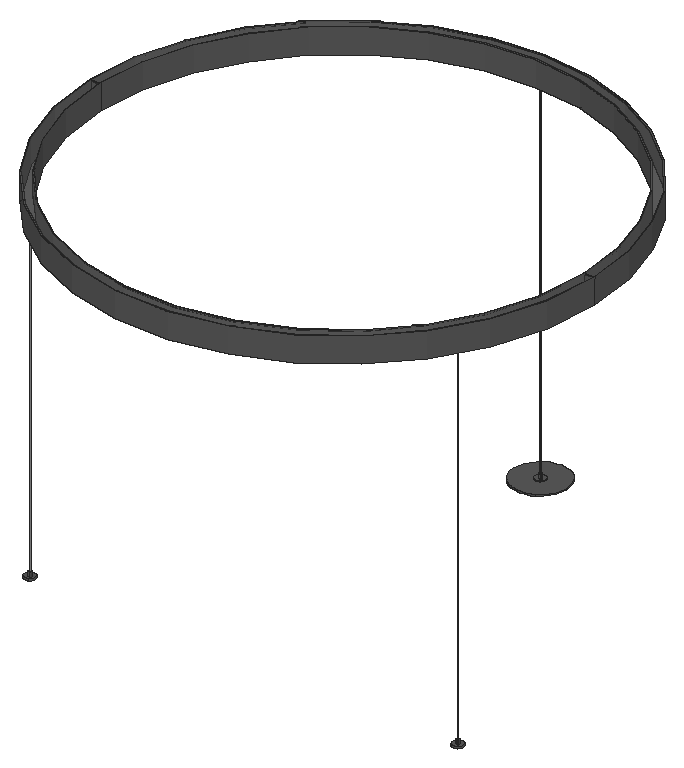
Revit family "TMS-Luna-Pendant", category Lighting Fixtures, host Face, Revit 2020
Family settings
  Host = Face
  Round Connector Dimension = Use Diameter
  Part Type = Normal
  Cut with Voids When Loaded = No
  Light Source = No
  Shared = No
  Room Calculation Point = No
Parameters (values of type "48" Direct")
  Voltage = 0 V
  URL = "https://tmslighting.com/luna.html"
  Support Type [instance] = MM_Supports-Remote : MM_Supports-Remote
  Radius = 1' - 11 1/2"
  Power Factor = 1
  Number of Supports = 3
  Number of Poles = 1
  Model = "LUNA PENDANT"
  Manufacturer = "TMS Lighting Inc."  # constant formula
  Lens Material = TMS Lens
  Fixture Type = Luna-Fixture : 48"
  Fixture Material = TMS Gloss Black
  Drop Length [instance] = 3' - 0"
  Description = ""
  Default Elevation = 4' - 0"
  Canopy Material = TMS Gloss Black
  Canopy Diameter = 0' - 10"
  Cable Material = Steel ASTM A53
  Cable Length [instance] = Drop Length - 0' 2 3/8"  # 2' - 9 5/8"
  Assembly Code = "D5020200"
  Apparent Load = 0 VA
Types (19): name | Support Type | Radius | Number of Supports | Fixture Type | Drop Length | Cable Length
  (no name) | MM_Supports-Remote : MM_Supports-Remote | 1' - 11 1/2" | 3 | Luna-Fixture : 48" | 3' - 0" | 2' - 9 5/8"
  24" Direct | MM_Supports : MM_Supports | 0' - 11 1/2" | 3 | Luna-Fixture : 24" | 2' - 0" | 1' - 9 5/8"
  36" Direct | PS-Single-Plate : PS-Single-Plate | 1' - 5 1/2" | 3 | Luna-Fixture : 36" | 2' - 0" | 1' - 9 5/8"
  48" Direct | MM_Supports-Remote : MM_Supports-Remote | 1' - 11 1/2" | 3 | Luna-Fixture : 48" | 3' - 0" | 2' - 9 5/8"
  60" Direct | MM_Supports : MM_Supports | 2' - 5 1/2" | 3 | Luna-Fixture : 60" | 3' - 0" | 2' - 9 5/8"
  72" Direct | PS-Single-Plate : PS-Single-Plate | 2' - 11 1/2" | 4 | Luna-Fixture : 72" | 3' - 0" | 2' - 9 5/8"
  84" Direct | PS-Single-Plate : PS-Single-Plate | 3' - 5 1/2" | 4 | Luna-Fixture : 84" | 3' - 0" | 2' - 9 5/8"
  24" Direct/Indirect | MM_Supports : MM_Supports | 0' - 11 1/2" | 3 | Luna-Fixture-Dir-Ind : 24" | 2' - 0" | 1' - 9 5/8"
  36" Direct/Indirect | MM_Supports : MM_Supports | 1' - 5 1/2" | 3 | Luna-Fixture-Dir-Ind : 36" | 2' - 0" | 1' - 9 5/8"
  48" Direct/Indirect | MM_Supports : MM_Supports | 1' - 11 1/2" | 3 | Luna-Fixture-Dir-Ind : 48" | 3' - 0" | 2' - 9 5/8"
  60" Direct/Indirect | MM_Supports : MM_Supports | 2' - 5 1/2" | 3 | Luna-Fixture-Dir-Ind : 60" | 3' - 0" | 2' - 9 5/8"
  72" Direct/Indirect | MM_Supports : MM_Supports | 2' - 11 1/2" | 4 | Luna-Fixture-Dir-Ind : 72" | 3' - 0" | 2' - 9 5/8"
  84" Direct/Indirect | MM_Supports : MM_Supports | 3' - 5 1/2" | 4 | Luna-Fixture-Dir-Ind : 84" | 3' - 0" | 2' - 9 5/8"
  96" Direct/Indirect | MM_Supports : MM_Supports | 3' - 11 1/2" | 8 | Luna-Fixture-Dir-Ind : 96" | 3' - 0" | 2' - 9 5/8"
  120" Direct/Indirect | MM_Supports : MM_Supports | 4' - 11 1/2" | 8 | Luna-Fixture-Dir-Ind : 120" | 3' - 0" | 2' - 9 5/8"
  144" Direct/Indirect | MM_Supports : MM_Supports | 5' - 11 1/2" | 8 | Luna-Fixture-Dir-Ind : 144" | 3' - 0" | 2' - 9 5/8"
  96" Direct | MM_Supports : MM_Supports | 3' - 11 1/2" | 8 | Luna-Fixture : 96" | 3' - 0" | 2' - 9 5/8"
  120" Direct | MM_Supports : MM_Supports | 4' - 11 1/2" | 8 | Luna-Fixture : 120" | 3' - 0" | 2' - 9 5/8"
  144" Direct | MM_Supports : MM_Supports | 5' - 11 1/2" | 8 | Luna-Fixture : 144" | 3' - 0" | 2' - 9 5/8"
Reference planes (in)
  plane 1 "Center (Front/Back)": y = 0
  plane 2: z = 0
  plane 3 "Center (Left/Right)": x = 0
  plane 4 "Fixture": z = 33.62
  plane 5: z = 36
Dimensions and locks (in)
  "Drop Length": plane 5 to level
  locked: plane 5 to plane 4 "Fixture" at 2.38
  aligned and locked: plane 2 to host face
  aligned and locked: level to host face
Automatic sketch dimensions
  host sketch curve to host sketch curve = 8' - 0"  (x2)
Nested families (in)
  nested 1: "MM_Supports-Remote" at (0, 0, 0), Radius <- "Radius", type <- "Support Type", Height <- "Cable Length", Supports <- "Number of Supports", type "MM_Supports-Remote"
    with Supports 3, Radius 1' - 11 1/2", Height 2' - 9 5/8"
  nested 2: "Luna-Fixture" at (0, 0, 33.62) x (-1, 0, 0) z (0, 0, 1), type <- "Fixture Type", type "48""
Connectors (in)
  electrical at (0, 0, 0), driven by "Number of Poles", driven by "Voltage", driven by "Apparent Load", driven by "Power Factor"
    settings: on host face, index 1, voltage 0 V, apparent load 0 VA, apparent load phase1 0 VA, apparent load phase2 0 VA, apparent load phase3 0 VA, power factor 1, load classification "Other", number of poles 1, system type 31, power factor state 1, is connector primary yes, connector utility no, sub classification motor no, connector description ""
Definition of nested family "MM_Supports-Remote"
  Parameters (values of type "MM_Supports-Remote")
    Supports [instance] = 8
    Radius [instance] = 2' - 1.26197"
    Height [instance] = 5' - 0"
    Default Elevation = 4' - 0"
    Canopy Material = none
    Cable Material = none
  Reference planes (in)
    plane 1 "Center (Front/Back)": y = 0
    plane 2: z = 0
    plane 3 "Center (Left/Right)": x = 0
    plane 4: y = 25.26197
  Forms (in)
    Extrusion 1, solid
      sketch origin (0, 0, 0) x (1, 0, 0) y (0, 1, 0)
        loop
          line (-48, 48) -> (-48, -48) -> (48, -48) -> (48, 48) -> (-48, 48)
      from 0 to -12
    Extrusion 2, solid, material <- "Cable Material"
      sketch origin (0, 0, 0) x (1, 0, 0) y (0, 1, 0)
        loop
          circle (0, 25.26197) r 0.03125
      from 0 to 60 <- "Height"
    Extrusion 3, solid, material <- "Cable Material"
      sketch origin (0, 0, 0) x (0.707107, -0.707107, 0) y (0.707107, 0.707107, 0)
        loop
          circle (0, 25.26197) r 0.03125
      from 0 to 60 <- "Height"
    Extrusion 4, solid, material <- "Cable Material"
      sketch origin (0, 0, 0) x (0.707107, 0.707107, 0) y (-0.707107, 0.707107, 0)
        loop
          circle (0, 25.26197) r 0.03125
      from 0 to 60 <- "Height"
    Extrusion 5, solid, material <- "Cable Material"
      sketch origin (0, 0, 0) x (0, 1, 0) y (-1, 0, 0)
        loop
          circle (0, 25.26197) r 0.03125
      from 0 to 60 <- "Height"
    Extrusion 6, solid, material <- "Cable Material"
      sketch origin (0, 0, 0) x (-0.707107, 0.707107, 0) y (-0.707107, -0.707107, 0)
        loop
          circle (0, 25.26197) r 0.03125
      from 0 to 60 <- "Height"
    Extrusion 7, solid, material <- "Cable Material"
      sketch origin (0, 0, 0) x (-1, 0, 0) y (0, -1, 0)
        loop
          circle (0, 25.26197) r 0.03125
      from 0 to 60 <- "Height"
    Extrusion 8, solid, material <- "Cable Material"
      sketch origin (0, 0, 0) x (-0.707107, -0.707107, 0) y (0.707107, -0.707107, 0)
        loop
          circle (0, 25.26197) r 0.03125
      from 0 to 60 <- "Height"
    Extrusion 9, solid, material <- "Cable Material"
      sketch origin (0, 0, 0) x (0, -1, 0) y (1, 0, 0)
        loop
          circle (0, 25.26197) r 0.03125
      from 0 to 60 <- "Height"
    Extrusion 10, solid, material <- "Canopy Material"
      sketch origin (0, 0, 0) x (1, 0, 0) y (0, 1, 0)
        loop
          circle (0, 25.26197) r 2.5
      from 0 to 0.125
    Extrusion 11, solid, material <- "Canopy Material"
      sketch origin (0, 0, 0) x (1, 0, 0) y (0, 1, 0)
        loop
          circle (0, 25.26197) r 0.5
      from 0 to 0.125
    Extrusion 12, solid, material <- "Canopy Material"
      sketch origin (0, 0, 0) x (1, 0, 0) y (0, 1, 0)
        loop
          circle (0, 25.26197) r 0.12351
      from 0 to 0.5
    Extrusion 13, solid, material <- "Canopy Material"
      sketch origin (0, 0, 0) x (0.707107, -0.707107, 0) y (0.707107, 0.707107, 0)
        loop
          circle (0, 25.26197) r 0.5
      from 0 to 0.125
    Extrusion 14, solid, material <- "Canopy Material"
      sketch origin (0, 0, 0) x (0.707107, -0.707107, 0) y (0.707107, 0.707107, 0)
        loop
          circle (0, 25.26197) r 0.12351
      from 0 to 0.5
    Extrusion 15, solid, material <- "Canopy Material"
      sketch origin (0, 0, 0) x (0.707107, 0.707107, 0) y (-0.707107, 0.707107, 0)
        loop
          circle (0, 25.26197) r 0.5
      from 0 to 0.125
    Extrusion 16, solid, material <- "Canopy Material"
      sketch origin (0, 0, 0) x (0.707107, 0.707107, 0) y (-0.707107, 0.707107, 0)
        loop
          circle (0, 25.26197) r 0.12351
      from 0 to 0.5
    Extrusion 17, solid, material <- "Canopy Material"
      sketch origin (0, 0, 0) x (0, 1, 0) y (-1, 0, 0)
        loop
          circle (0, 25.26197) r 0.5
      from 0 to 0.125
    Extrusion 18, solid, material <- "Canopy Material"
      sketch origin (0, 0, 0) x (0, 1, 0) y (-1, 0, 0)
        loop
          circle (0, 25.26197) r 0.12351
      from 0 to 0.5
    Extrusion 19, solid, material <- "Canopy Material"
      sketch origin (0, 0, 0) x (-0.707107, 0.707107, 0) y (-0.707107, -0.707107, 0)
        loop
          circle (0, 25.26197) r 0.5
      from 0 to 0.125
    Extrusion 20, solid, material <- "Canopy Material"
      sketch origin (0, 0, 0) x (-0.707107, 0.707107, 0) y (-0.707107, -0.707107, 0)
        loop
          circle (0, 25.26197) r 0.12351
      from 0 to 0.5
    Extrusion 21, solid, material <- "Canopy Material"
      sketch origin (0, 0, 0) x (-1, 0, 0) y (0, -1, 0)
        loop
          circle (0, 25.26197) r 0.5
      from 0 to 0.125
    Extrusion 22, solid, material <- "Canopy Material"
      sketch origin (0, 0, 0) x (-1, 0, 0) y (0, -1, 0)
        loop
          circle (0, 25.26197) r 0.12351
      from 0 to 0.5
    Extrusion 23, solid, material <- "Canopy Material"
      sketch origin (0, 0, 0) x (-0.707107, -0.707107, 0) y (0.707107, -0.707107, 0)
        loop
          circle (0, 25.26197) r 0.5
      from 0 to 0.125
    Extrusion 24, solid, material <- "Canopy Material"
      sketch origin (0, 0, 0) x (-0.707107, -0.707107, 0) y (0.707107, -0.707107, 0)
        loop
          circle (0, 25.26197) r 0.12351
      from 0 to 0.5
    Extrusion 25, solid, material <- "Canopy Material"
      sketch origin (0, 0, 0) x (0, -1, 0) y (1, 0, 0)
        loop
          circle (0, 25.26197) r 0.5
      from 0 to 0.125
    Extrusion 26, solid, material <- "Canopy Material"
      sketch origin (0, 0, 0) x (0, -1, 0) y (1, 0, 0)
        loop
          circle (0, 25.26197) r 0.12351
      from 0 to 0.5
  Dimensions and locks (in)
    "Radius": plane 1 "Center (Front/Back)" to plane 4
    "Radius": radius of radial array
    aligned and locked: plane 2 to Extrusion 1
    aligned and locked: level to Extrusion 1
    aligned and locked: plane 4 to Extrusion 10 sketch curve
  Automatic sketch dimensions
    Extrusion 1 sketch curve to Extrusion 1 sketch curve = 8' - 0"  (x2)
    Extrusion 10 sketch curve to plane 3 "Center (Left/Right)" = 0' - 0"
    radius of Extrusion 10 sketch curve = 0' - 2 1/2"
    radius of Extrusion 11 sketch curve = 0' - 0 1/2"
    radius of Extrusion 12 sketch curve = 0' - 0.12351"
    radius of Extrusion 13 sketch curve = 0' - 0 1/2"
    radius of Extrusion 14 sketch curve = 0' - 0.12351"
    radius of Extrusion 15 sketch curve = 0' - 0 1/2"
    radius of Extrusion 16 sketch curve = 0' - 0.12351"
    radius of Extrusion 17 sketch curve = 0' - 0 1/2"
    radius of Extrusion 18 sketch curve = 0' - 0.12351"
    radius of Extrusion 19 sketch curve = 0' - 0 1/2"
    radius of Extrusion 20 sketch curve = 0' - 0.12351"
    radius of Extrusion 21 sketch curve = 0' - 0 1/2"
    radius of Extrusion 22 sketch curve = 0' - 0.12351"
    radius of Extrusion 23 sketch curve = 0' - 0 1/2"
    radius of Extrusion 24 sketch curve = 0' - 0.12351"
    radius of Extrusion 25 sketch curve = 0' - 0 1/2"
    radius of Extrusion 26 sketch curve = 0' - 0.12351"
Definition of nested family "Luna-Fixture"
  Parameters (values of type "24"")
    Wattage = 20.8763 W
    built-in parameter 1150110 = 1 (stored number, unit not read)
    built-in parameter 1114217 = 1 (stored number, unit not read)
    Tilt Angle = -90.00°
    built-in parameter 1150109 = 1 (stored number, unit not read)
    built-in parameter 1150134 = (empty or 0)
    built-in parameter 1150113 = 1 (stored number, unit not read)
    Radius = Diameter / 2  # 1' - 0"
    Photometric Web File = "971LUCL-24D-35K-F05.ies"
    built-in parameter 1150105 = 841.64 (stored number, unit not read)
    Lumens = 3101 lm
    built-in parameter 1150115 = 1 (stored number, unit not read)
    built-in parameter 1150137 = (empty or 0)
    built-in parameter 1150139 = (empty or 0)
    Lens Radius = Radius - 0' 0 1/16"  # 0' - 11 15/16"
    Lens Material = none
    built-in parameter 1150112 = 1 (stored number, unit not read)
    built-in parameter 1150114 = 1 (stored number, unit not read)
    built-in parameter 1150132 = 2
    built-in parameter 1150102 = (empty or 0)
    built-in parameter 1150107 = 3500 (stored number, unit not read)
    built-in parameter 1150138 = (empty or 0)
    built-in parameter 1150106 = 8.4164 (stored number, unit not read)
    Fixture Material = none
    built-in parameter 1150104 = 13.8 (stored number, unit not read)
    Dimming Lamp Color Temperature Shift = (empty or 0)
    Diameter = 2' - 0"
    Default Elevation = 4' - 0"
    Color Filter = 16777215
    built-in parameter 1114218 = 1 (stored number, unit not read)
    built-in parameter 1150133 = 10 (stored number, unit not read)
  Types (7): name | Wattage | Radius | Photometric Web File | built-in parameter 1150105 | Lumens | Lens Radius | built-in parameter 1150106 | Diameter
    (no name) | 20.8763 W | 1' - 0" | "971LUCL-24D-35K-F05.ies" | 841.64 (stored number, unit not read) | 3101 lm | 0' - 11 15/16" | 8.4164 (stored number, unit not read) | 2' - 0"
    24" | 20.8763 W | 1' - 0" | "971LUCL-24D-35K-F05.ies" | 841.64 (stored number, unit not read) | 3101 lm | 0' - 11 15/16" | 8.4164 (stored number, unit not read) | 2' - 0"
    36" | 31.0215 W | 1' - 6" | "971LUCL-36D-35K-F05.ies" | 1250.7 (stored number, unit not read) | 4608 lm | 1' - 5 15/16" | 12.507 (stored number, unit not read) | 3' - 0"
    48" | 41.4563 W | 2' - 0" | "971LUCL-48D-35K-F05.ies" | 1672 (stored number, unit not read) | 6158 lm | 1' - 11 15/16" | 16.72 (stored number, unit not read) | 4' - 0"
    60" | 52.2815 W | 2' - 6" | "971LUCL-60D-35K-F05.ies" | 2090 (stored number, unit not read) | 7766 lm | 2' - 5 15/16" | 20.9 (stored number, unit not read) | 5' - 0"
    72" | 62.4066 W | 3' - 0" | "971LUCL-72D-35K-F05.ies" | 2538.6 (stored number, unit not read) | 9270 lm | 2' - 11 15/16" | 25.386 (stored number, unit not read) | 6' - 0"
    84" | 72.323 W | 3' - 6" | "971LUCL-84D-35K-F05.ies" | 2832 (stored number, unit not read) | 10743 lm | 3' - 5 15/16" | 28.32 (stored number, unit not read) | 7' - 0"
  Reference planes (in)
    plane 1 "Center (Front/Back)": y = 0
    plane 2: z = 0
    plane 3 "Center (Left/Right)": x = 0
    plane 4: x = -12
  Forms (in)
    Extrusion 1, solid
      sketch origin (0, 0, 0) x (1, 0, 0) y (0, 1, 0)
        loop
          line (-48, 48) -> (-48, -48) -> (48, -48) -> (48, 48) -> (-48, 48)
      from 0 to -12
    Revolve 2, solid, material <- "Fixture Material"
      sketch origin (0, 0, 0) x (1, 0, 0) y (0, 0, 1)
        loop
          line (-11.9375, 0) -> (-11.9375, 2.38) -> (-12, 2.38) -> (-12, 0) -> (-11.9375, 0)
        loop
          line (-11, 0) -> (-11, 2.38) -> (-11.0625, 2.38) -> (-11.0625, 0) -> (-11, 0)
        axis (0, 2.38) -> (0, 0)
      angle from 0 to 360
    Revolve 3, solid, material <- "Lens Material"
      sketch origin (0, 0, 0) x (1, 0, 0) y (0, 0, 1)
        loop
          line (-11.9375, 2.31785) -> (-11.9375, 2.25571) -> (-11.06236, 2.25571) -> (-11.06236, 2.31785) -> (-11.9375, 2.31785)
        axis (0, 2.31785) -> (0, 2.25571)
      angle from 0 to 360
    Revolve 4, solid, material <- "Fixture Material"
      sketch origin (-0.00014, 0, -2.19321) x (1, 0, 0) y (0, 0, 1)
        loop
          line (-11.93736, 2.31785) -> (-11.93736, 2.25571) -> (-11.06222, 2.25571) -> (-11.06222, 2.31785) -> (-11.93736, 2.31785)
        axis (0, 2.31785) -> (0, 2.25571)
      angle from 0 to 360
  Dimensions and locks (in)
    "Radius": plane 3 "Center (Left/Right)" to plane 4
    locked: Revolve 2 sketch curve to Revolve 2 sketch curve at 0.0625  (x2)
    locked: Revolve 2 sketch curve to Revolve 2 sketch curve at 1
    locked: Revolve 3 sketch curve to Revolve 3 sketch curve at 0.87514
    "Lens Radius": plane 3 "Center (Left/Right)" to Revolve 3 sketch curve
    locked: Revolve 4 sketch curve to Revolve 4 sketch curve at 0.87514
    "Lens Radius": plane 3 "Center (Left/Right)" to Revolve 4 sketch curve
    aligned and locked: plane 2 to Extrusion 1
    aligned and locked: level to Extrusion 1
  Automatic sketch dimensions
    Extrusion 1 sketch curve to Extrusion 1 sketch curve = 8' - 0"  (x2)
    Revolve 2 sketch curve to level = 0' - 0"  (x2)
    Revolve 2 sketch curve to plane 4 = 0' - 0"
    Revolve 2 sketch curve to plane 3 "Center (Left/Right)" = 0' - 0"
    level to Revolve 2 sketch curve = 0' - 2.38"
    Revolve 2 sketch curve to Revolve 2 sketch curve = 0' - 0"
    Revolve 2 sketch curve to level = 0' - 5"
    level to Revolve 2 sketch curve = 0' - 8"
    Revolve 3 sketch curve to plane 3 "Center (Left/Right)" = 0' - 0"
    level to Revolve 3 sketch curve = 0' - 2.25571"
    Revolve 3 sketch curve to Revolve 3 sketch curve = 0' - 0.06215"
    Revolve 3 sketch curve to level = 0' - 3"
    level to Revolve 3 sketch curve = 0' - 4 1/4"
    level to Revolve 4 sketch curve = 0' - 0 1/16"
    Revolve 4 sketch curve to Revolve 4 sketch curve = 0' - 0.06215"
    Revolve 4 sketch curve to plane 3 "Center (Left/Right)" = 0' - 0.00014"
    Revolve 4 sketch curve to level = 0' - 5.19321"
    level to Revolve 4 sketch curve = 0' - 2.05679"
